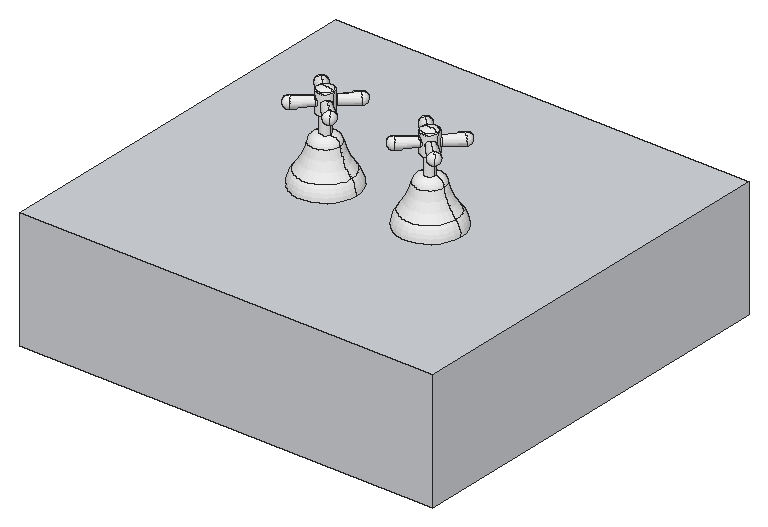
Revit family
Parameters
  URL = "http://caroma.com.au/bathrooms/taps/tasman-ii/tasman-ii-wall-top-assemblies"
  Tap Material = Caroma Chrome
  Model = "Tasman II Wall Top Assemblies"
  Manufacturer = "Caroma"
  Description = "The modern contemporary styling of the Tasman range will add a special finish to any home."
  Default Elevation = 0 mm
Reference planes
  plane 1 "Center (Front/Back)": y = 0
  plane 2: z = 0
  plane 3 "Center (Left/Right)": x = 0
Forms (mm)
  Extrusion 1, solid
    sketch origin (117.65, -80.304, 0) x (1, 0, 0) y (0, 1, 0)
      loop
        line (-317.65, 280.304) -> (-317.65, -97.206) -> (77.086, -97.206) -> (77.086, 280.304) -> (-317.65, 280.304)
    from 0 to -113.912
Dimensions and locks
  aligned and locked: plane 2 to Extrusion 1
  aligned and locked: level to Extrusion 1
Nested families
  nested 1: "Tasman II Tap" at (-50.001, -0.001, 0), type "Tasman II Tap"
  nested 2: "Tasman II Tap" at (50.001, -0.001, 0), type "Tasman II Tap"
Definition of nested family "Tasman II Tap"
  Parameters (values of type "Tasman II Tap")
    Tap Material = Caroma Chrome
    Assembly Code = ""
  Reference planes
    plane 1 "Center (Front/Back)": y = 0
    plane 2: z = 0
    plane 3 "Center (Left/Right)": x = 0
    plane 4 "Revolve": through (-22.98, -22.982, 1200) normal (-0.7071, 0.7071, 0)
    plane 5: z = 71.998
  Forms (mm)
    Revolve 1, solid, material "Caroma Chrome" <- "Tap Material"
      sketch origin (0, -0.068, 0) x (1, 0, 0) y (0, 0, 1)
        loop
          line (0, 0) -> (29.923, 0)
          arc (29.923, 0) -> (28.616, 6.907) -> (25.093, 12.99) r 20.912
          arc (25.093, 12.99) -> (17.97, 24.109) -> (13.792, 36.636) r 53.414
          arc (13.792, 36.636) -> (10.594, 41.943) -> (4.753, 44.01) r 9.179
          line (4.753, 44.01) -> (4.753, 62.002) -> (7.996, 62.002) -> (7.996, 80.849)
          arc (7.996, 80.849) -> (7.793, 81.357) -> (7.402, 81.739) r 1.325
          arc (7.402, 81.739) -> (3.854, 83.373) -> (0, 84.002) r 14.524
          line (0, 84.002) -> (0, 0)
        axis (0, 84.002) -> (0, 0)
      angle from 0 to 360
    Revolve 2, solid, material "Caroma Chrome" <- "Tap Material"
      sketch origin (0.001, -0.001, 0) x (-0.707107, -0.707107, 0) y (0, 0, 1)
        loop
          line (27.114, 77.528) -> (8.3, 76.265)
          arc (8.3, 76.265) -> (6.507, 76.567) -> (4.838, 77.289) r 7.544
          line (4.838, 77.289) -> (4.838, 71.998) -> (32.5, 71.998)
          arc (32.5, 71.998) -> (31.085, 76.007) -> (27.114, 77.528) r 5.068
        axis (4.838, 71.998) -> (32.5, 71.998)
      angle from 0 to 360
    Revolve 3, solid, material "Caroma Chrome" <- "Tap Material"
      sketch origin (0.002, -0.001, 0) x (0.707107, -0.707107, 0) y (0, 0, 1)
        loop
          line (27.114, 77.528) -> (8.3, 76.265)
          arc (8.3, 76.265) -> (6.507, 76.567) -> (4.838, 77.289) r 7.544
          line (4.838, 77.289) -> (4.838, 71.998) -> (32.5, 71.998)
          arc (32.5, 71.998) -> (31.085, 76.007) -> (27.114, 77.528) r 5.068
        axis (4.838, 71.998) -> (32.5, 71.998)
      angle from 0 to 360
    Revolve 4, solid, material "Caroma Chrome" <- "Tap Material"
      sketch origin (0.002, 0.001, 0) x (0.707107, 0.707107, 0) y (0, 0, 1)
        loop
          line (27.114, 77.528) -> (8.3, 76.265)
          arc (8.3, 76.265) -> (6.507, 76.567) -> (4.838, 77.289) r 7.544
          line (4.838, 77.289) -> (4.838, 71.998) -> (32.5, 71.998)
          arc (32.5, 71.998) -> (31.085, 76.007) -> (27.114, 77.528) r 5.068
        axis (4.838, 71.998) -> (32.5, 71.998)
      angle from 0 to 360
    Revolve 5, solid, material "Caroma Chrome" <- "Tap Material"
      sketch origin (0.001, 0.001, 0) x (-0.707107, 0.707107, 0) y (0, 0, 1)
        loop
          line (27.114, 77.528) -> (8.3, 76.265)
          arc (8.3, 76.265) -> (6.507, 76.567) -> (4.838, 77.289) r 7.544
          line (4.838, 77.289) -> (4.838, 71.998) -> (32.5, 71.998)
          arc (32.5, 71.998) -> (31.085, 76.007) -> (27.114, 77.528) r 5.068
        axis (4.838, 71.998) -> (32.5, 71.998)
      angle from 0 to 360
  Lines and regions (mm)
    Masking region 1
      outline origin (0, 0, 0) x (0, 1, 0) y (0, 0, 1)
        loop
          arc (30, 0) -> (28.27, 7.39) -> (24.381, 13.908) r 24.727
          arc (24.381, 13.908) -> (17.641, 24.557) -> (13.815, 36.565) r 49.402
          arc (13.815, 36.565) -> (10.622, 41.97) -> (4.685, 44.01) r 9.076
          line (4.685, 44.01) -> (4.685, 62.002) -> (7.99, 62.002) -> (7.99, 67.528) -> (18.563, 66.512)
          arc (18.563, 66.512) -> (20.71, 66.623) -> (22.648, 67.555) r 5.458
          arc (22.648, 67.555) -> (24.457, 74.104) -> (18.563, 77.484) r 5.542
          line (18.563, 77.484) -> (7.921, 76.462) -> (7.921, 80.428)
          arc (7.921, 80.428) -> (7.856, 81.061) -> (7.515, 81.599) r 1.389
          arc (7.515, 81.599) -> (3.933, 83.35) -> (0, 84) r 13.755
          arc (0, 84) -> (-3.933, 83.35) -> (-7.515, 81.599) r 13.755
          arc (-7.515, 81.599) -> (-7.856, 81.061) -> (-7.921, 80.428) r 1.389
          line (-7.921, 80.428) -> (-7.921, 76.462) -> (-18.563, 77.484)
          arc (-18.563, 77.484) -> (-24.457, 74.104) -> (-22.648, 67.555) r 5.542
          arc (-22.648, 67.555) -> (-20.71, 66.623) -> (-18.563, 66.512) r 5.458
          line (-18.563, 66.512) -> (-7.99, 67.528) -> (-7.99, 62.002) -> (-4.685, 62.002) -> (-4.685, 44.01)
          arc (-4.685, 44.01) -> (-10.622, 41.97) -> (-13.815, 36.565) r 9.076
          arc (-13.815, 36.565) -> (-17.641, 24.557) -> (-24.381, 13.908) r 49.402
          arc (-24.381, 13.908) -> (-28.27, 7.39) -> (-30, 0) r 24.727
          line (-30, 0) -> (30, 0)
    Masking region 2
      outline origin (0, 0, 0) x (1, 0, 0) y (0, 0, 1)
        loop
          line (-29.923, 0) -> (30.077, 0)
          arc (30.077, 0) -> (28.348, 7.39) -> (24.458, 13.908) r 24.727
          arc (24.458, 13.908) -> (17.718, 24.557) -> (13.893, 36.565) r 49.402
          arc (13.893, 36.565) -> (10.699, 41.97) -> (4.762, 44.01) r 9.076
          line (4.762, 44.01) -> (4.762, 62.002) -> (8.067, 62.002) -> (8.067, 67.528) -> (18.64, 66.512)
          arc (18.64, 66.512) -> (20.787, 66.623) -> (22.725, 67.555) r 5.458
          arc (22.725, 67.555) -> (24.534, 74.104) -> (18.64, 77.484) r 5.542
          line (18.64, 77.484) -> (7.998, 76.462) -> (7.998, 80.428)
          arc (7.998, 80.428) -> (7.933, 81.061) -> (7.592, 81.599) r 1.389
          arc (7.592, 81.599) -> (4.01, 83.35) -> (0.077, 84) r 13.755
          arc (0.077, 84) -> (-3.976, 83.311) -> (-7.644, 81.455) r 13.755
          arc (-7.644, 81.455) -> (-7.859, 81.055) -> (-7.952, 80.606) r 1.389
          line (-7.952, 80.606) -> (-7.952, 76.472) -> (-18.486, 77.484)
          arc (-18.486, 77.484) -> (-24.38, 74.104) -> (-22.571, 67.555) r 5.542
          arc (-22.571, 67.555) -> (-20.633, 66.623) -> (-18.486, 66.512) r 5.458
          line (-18.486, 66.512) -> (-7.952, 67.524) -> (-7.952, 62.002) -> (-4.892, 62.002) -> (-4.892, 44.012)
          arc (-4.892, 44.012) -> (-10.655, 41.88) -> (-13.738, 36.565) r 9.076
          arc (-13.738, 36.565) -> (-17.564, 24.557) -> (-24.304, 13.908) r 49.402
          arc (-24.304, 13.908) -> (-28.193, 7.39) -> (-29.923, 0) r 24.727
    Masking region 3
      outline origin (0, 0, 0) x (1, 0, 0) y (0, 1, 0)
        loop
          arc (-22.997, 22.999) -> (-24.679, 20.326) -> (-24.455, 17.176) r 5.075
          arc (-24.455, 17.176) -> (-29.923, -0.034) -> (-24.494, -17.256) r 29.923
          arc (-24.494, -17.256) -> (-24.724, -20.415) -> (-23.036, -23.096) r 5.075
          arc (-23.036, -23.096) -> (-20.361, -24.774) -> (-17.211, -24.546) r 5.075
          arc (-17.211, -24.546) -> (-0.034, -29.991) -> (17.156, -24.585) r 29.923
          arc (17.156, -24.585) -> (20.314, -24.819) -> (22.997, -23.135) r 5.075
          arc (22.997, -23.135) -> (24.679, -20.462) -> (24.455, -17.312) r 5.075
          arc (24.455, -17.312) -> (29.923, -0.102) -> (24.494, 17.12) r 29.923
          arc (24.494, 17.12) -> (24.724, 20.279) -> (23.036, 22.96) r 5.075
          arc (23.036, 22.96) -> (20.361, 24.638) -> (17.211, 24.41) r 5.075
          arc (17.211, 24.41) -> (0.034, 29.855) -> (-17.156, 24.449) r 29.923
          arc (-17.156, 24.449) -> (-20.314, 24.683) -> (-22.997, 22.999) r 5.075
    symbolic lines, style "Caroma Tapwear"
      curve 1: line (7.998, 0, 76.462) -> (8.067, 0, 67.528)
      curve 2: line (-7.952, 0, 67.524) -> (-7.952, 0, 76.472)
      curve 3: line (4.762, 0, 62.002) -> (-4.892, 0, 62.002)
      curve 4: circle (0, 0, 71.998) r 5.5 normal (0, -1, 0)
      curve 5: line (4.762, 0, 44.01) -> (-4.892, 0, 44.01)
      curve 6: line (0, 4.685, 44.01) -> (0, -4.685, 44.01)
      curve 7: line (0, 4.685, 62.002) -> (0, -4.685, 62.002)
      curve 8: line (0, -7.99, 67.528) -> (0, -7.99, 76.468)
      curve 9: line (0, 7.921, 76.462) -> (0, 7.921, 67.534)
      curve 10: circle (0, 0, 71.998) r 5.5 normal (1, 0, 0)
      curve 11: arc (-15.851, 23.663, 0) -> (-16.474, 24.105, 0) -> (-17.156, 24.449, 0) r 5.075
      curve 12: arc (-23.661, 15.853, 0) -> (-24.103, 16.475, 0) -> (-24.447, 17.157, 0) r 5.075
      curve 13: line (-15.851, 23.663, 0) -> (-2.851, 8.887, 0)
      curve 14: line (-23.661, 15.853, 0) -> (-8.885, 2.852, 0)
      curve 15: arc (-2.851, 8.887, 0) -> (0.002, 7.597, 0) -> (2.854, 8.887, 0) r 3.799
      curve 16: arc (15.849, -23.666, 0) -> (16.472, -24.108, 0) -> (17.154, -24.452, 0) r 5.075
      curve 17: arc (23.661, -15.857, 0) -> (24.103, -16.48, 0) -> (24.447, -17.162, 0) r 5.075
      curve 18: line (15.849, -23.666, 0) -> (2.852, -8.887, 0)
      curve 19: line (23.661, -15.857, 0) -> (8.888, -2.854, 0)
      curve 20: arc (2.852, -8.887, 0) -> (0, -7.597, 0) -> (-2.853, -8.886, 0) r 3.799
      curve 21: arc (-23.666, -15.846, 0) -> (-24.108, -16.468, 0) -> (-24.452, -17.15, 0) r 5.075
      curve 22: arc (-15.858, -23.658, 0) -> (-16.481, -24.1, 0) -> (-17.163, -24.444, 0) r 5.075
      curve 23: line (-23.666, -15.846, 0) -> (-8.886, -2.85, 0)
      curve 24: line (-15.858, -23.658, 0) -> (-2.853, -8.886, 0)
      curve 25: arc (-8.886, -2.85, 0) -> (-7.595, 0.002, 0) -> (-8.884, 2.855, 0) r 3.799
      curve 26: arc (23.667, 15.849, 0) -> (24.109, 16.472, 0) -> (24.453, 17.154, 0) r 5.075
      curve 27: arc (15.858, 23.661, 0) -> (16.48, 24.103, 0) -> (17.162, 24.446, 0) r 5.075
      curve 28: line (23.667, 15.849, 0) -> (8.889, 2.851, 0)
      curve 29: line (15.858, 23.661, 0) -> (2.855, 8.886, 0)
      curve 30: arc (8.889, 2.851, 0) -> (7.598, -0.001, 0) -> (8.888, -2.854, 0) r 3.799
      curve 31: circle (0.002, 0, 0) r 7.994 normal (0, 0, 1)
  Dimensions and locks
    aligned and locked: level to plane 2
